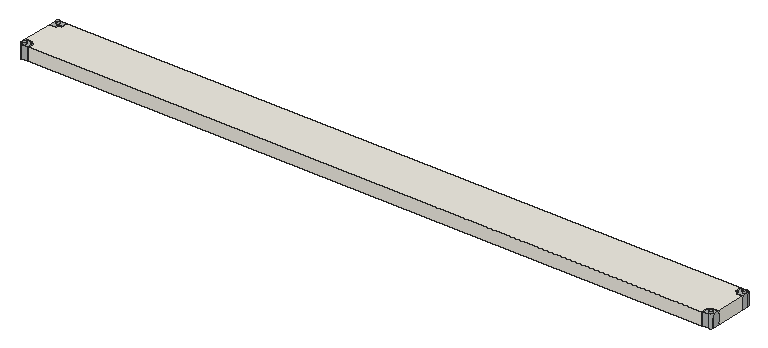
Revit family "HIGHTECH", category Осветительные приборы, Revit 2019 (continued)
Types (32, lengths in mm): name | Файл фотометрической сетки | built-in parameter 1150105 | Lumens | built-in parameter 1150106 | built-in parameter 1150142 | Wattage | Emit from Rectangle Width | Emit from Rectangle Length | Длина | Ширина | ADSK_Ток | ADSK_Полная мощность | ADSK_Обозначение | ADSK_Номинальная мощность | ADSK_Наименование | ADSK_Масса | ADSK_Код изделия
    .098 0.000 \r\n2755.907 2753.946 2748.260 2737.478 2720.912 2700.033 2674.744 2645.337 2610.931 2572.507 2529.769 2483.012 2433.216 2379.303 2322.156 2262.167 2199.040 2133.267 \r\n2064.945 1994.662 1921.734 1847.335 1770.975 1693.244 1613.943 1533.270 1451.127 1368.494 1281.058 1195.288 1110.695 1024.631 938.959 853.581 767.909 683.414 599.507 517.559 \r\n437.573 360.625 287.010 217.904 151.347 91.455 37.150 3.725 3.627 3.529 3.529 3.431 3.332 3.234 3.137 3.039 2.941 2.941 2.842 2.744 2.647 2.549 2.450 2.450 2.352 2.254 2.157 2.059 1.960 1.862 1.862 \r\n1.764 1.667 1.569 1.470 1.372 1.372 1.274 1.177 1.078 0.980 0.882 0.784 0.784 0.687 0.588 0.490 0.392 0.294 0.294 0.196 0.098 0.000 \r\n2755.907 2754.044 2748.359 2737.675 2721.304 2700.425 2675.332 2645.925 2611.617 2573.192 2530.454 2483.697 2434.000 2380.185 2322.940 2263.049 2200.021 2134.149 \r\n2065.925 1995.642 1922.714 1848.315 1772.053 1694.224 1614.923 1534.152 1452.107 1369.377 1282.038 1196.170 1111.380 1025.316 939.645 854.170 768.399 683.806 599.899 517.854 \r\n437.868 360.822 287.207 218.003 151.445 91.455 37.248 3.725 3.627 3.529 3.529 3.431 3.332 3.234 3.137 3.039 3.039 2.941 2.842 2.744 2.647 2.549 2.450 2.450 2.352 2.254 2.157 2.059 1.960 1.862 1.862 \r\n1.764 1.667 1.569 1.470 1.372 1.372 1.274 1.177 1.078 0.980 0.882 0.784 0.784 0.687 0.588 0.490 0.392 0.294 0.294 0.196 0.098 0.000 \r\n2755.907 2754.142 2748.457 2737.968 2721.599 2700.818 2675.822 2646.415 2612.304 2573.879 2531.141 2484.482 2434.785 2380.970 2323.823 2263.931 2201.001 2135.129 \r\n2066.905 1996.624 1923.694 1849.295 1773.033 1695.204 1615.903 1535.132 1452.990 1370.259 1282.921 1196.954 1112.165 1026.101 940.234 854.757 768.890 684.296 600.291 518.147 \r\n438.161 361.017 287.402 218.100 151.445 91.553 37.248 3.725 3.627 3.529 3.529 3.431 3.332 3.234 3.137 3.039 3.039 2.941 2.842 2.744 2.647 2.549 2.450 2.450 2.352 2.254 2.157 2.059 1.960 1.960 1.862 \r\n1.764 1.667 1.569 1.470 1.372 1.372 1.274 1.177 1.078 0.980 0.882 0.784 0.784 0.687 0.588 0.490 0.392 0.294 0.294 0.196 0.098 0.000 \r\n2755.907 2754.240 2748.652 2738.262 2721.892 2701.210 2676.410 2647.004 2612.989 2574.564 2531.826 2485.168 2435.569 2381.852 2324.705 2264.813 2201.981 2136.109 \r\n2067.885 1997.604 1924.674 1850.276 1774.014 1696.184 1616.883 1536.015 1453.872 1371.141 1283.901 1197.739 1112.949 1026.788 940.919 855.345 769.380 684.688 600.682 518.539 \r\n438.358 361.214 287.500 218.296 151.543 91.553 37.347 3.725 3.627 3.627 3.529 3.431 3.332 3.234 3.137 3.039 3.039 2.941 2.842 2.744 2.647 2.549 2.450 2.450 2.352 2.254 2.157 2.059 1.960 1.960 1.862 \r\n1.764 1.667 1.569 1.470 1.372 1.372 1.274 1.177 1.078 0.980 0.882 0.784 0.784 0.687 0.588 0.490 0.392 0.294 0.294 0.196 0.098 0.000 \r\n2755.907 2754.338 2748.751 2738.557 2722.187 2701.700 2676.901 2647.592 2613.676 2575.251 2532.513 2485.854 2436.352 2382.734 2325.587 2265.696 2202.961 2136.991 \r\n2068.866 1998.584 1925.753 1851.354 1774.994 1697.164 1617.864 1536.995 1454.852 1372.023 1284.783 1198.621 1113.635 1027.473 941.606 855.934 769.968 685.178 601.074 518.834 \r\n438.651 361.409 287.697 218.395 151.641 91.651 37.445 3.725 3.627 3.627 3.529 3.431 3.332 3.234 3.137 3.039 3.039 2.941 2.842 2.744 2.647 2.549 2.450 2.450 2.352 2.254 2.157 2.059 1.960 1.960 1.862 \r\n1.764 1.667 1.569 1.470 1.372 1.372 1.274 1.177 1.078 0.980 0.882 0.784 0.784 0.687 0.588 0.490 0.392 0.294 0.294 0.196 0.098 0.000 \r\n2755.907 2754.436 2748.849 2738.752 2722.481 2702.092 2677.391 2648.179 2614.264 2576.035 2533.199 2486.638 2437.137 2383.616 2326.469 2266.578 2203.941 2137.971 \r\n2069.846 1999.466 1926.733 1852.334 1775.974 1698.145 1618.746 1537.877 1455.734 1372.905 1285.665 1199.405 1114.419 1028.160 942.194 856.424 770.458 685.668 601.467 519.128 \r\n438.945 361.606 287.892 218.493 151.739 91.651 37.445 3.725 3.627 3.627 3.529 3.431 3.332 3.234 3.137 3.039 3.039 2.941 2.842 2.744 2.647 2.549 2.549 2.450 2.352 2.254 2.157 2.059 1.960 1.960 1.862 \r\n1.764 1.667 1.569 1.470 1.372 1.372 1.274 1.177 1.078 0.980 0.882 0.882 0.784 0.687 0.588 0.490 0.392 0.294 0.294 0.196 0.098 0.000 \r\n2755.907 2754.632 2748.947 2739.047 2722.774 2702.484 2677.979 2648.669 2614.950 2576.721 2533.885 2487.325 2437.921 2384.401 2327.352 2267.460 2204.922 2138.952 \r\n2070.729 2000.446 1927.713 1853.314 1776.954 1699.125 1619.726 1538.857 1456.616 1373.787 1286.645 1200.189 1115.204 1028.943 942.880 857.012 770.948 686.061 601.859 519.422 \r\n439.240 361.899 287.991 218.590 151.837 91.750 37.543 3.725 3.627 3.627 3.529 3.431 3.332 3.234 3.137 3.039 3.039 2.941 2.842 2.744 2.647 2.549 2.549 2.450 2.352 2.254 2.157 2.059 1.960 1.960 1.862 \r\n1.764 1.667 1.569 1.470 1.372 1.372 1.274 1.177 1.078 0.980 0.882 0.882 0.784 0.687 0.588 0.490 0.392 0.294 0.294 0.196 0.098 0.000 \r\n2755.907 2754.730 2749.045 2739.340 2723.069 2702.877 2678.469 2649.258 2615.636 2577.407 2534.571 2488.108 2438.706 2385.283 2328.234 2268.342 2205.902 2139.835 \r\n2071.709 2001.426 1928.693 1854.295 1777.934 1700.105 1620.706 1539.739 1457.596 1374.571 1287.527 1201.071 1115.889 1029.630 943.468 857.600 771.438 686.551 602.251 519.814 \r\n439.435 362.096 288.187 218.688 151.837 91.750 37.640 3.725 3.627 3.627 3.529 3.431 3.332 3.234 3.137 3.137 3.039 2.941 2.842 2.744 2.647 2.549 2.549 2.450 2.352 2.254 2.157 2.059 1.960 1.960 1.862 \r\n1.764 1.667 1.569 1.470 1.372 1.372 1.274 1.177 1.078 0.980 0.882 0.882 0.784 0.687 0.588 0.490 0.392 0.294 0.294 0.196 0.098 0.000 \r\n2755.907 2754.828 2749.241 2739.537 2723.363 2703.269 2678.959 2649.846 2616.323 2578.093 2535.160 2488.795 2439.489 2386.165 2329.116 2269.224 2206.882 2140.815 \r\n2072.689 2002.407 1929.772 1855.373 1778.915 1701.183 1621.686 1540.720 1458.479 1375.453 1288.409 1201.856 1116.674 1030.316 944.154 858.188 772.027 687.041 602.643 520.108 \r\n439.730 362.292 288.382 218.786 151.936 91.847 37.640 3.725 3.725 3.627 3.529 3.431 3.332 3.234 3.137 3.137 3.039 2.941 2.842 2.744 2.647 2.549 2.549 2.450 2.352 2.254 2.157 2.059 1.960 1.960 1.862 \r\n1.764 1.667 1.569 1.470 1.372 1.372 1.274 1.177 1.078 0.980 0.882 0.882 0.784 0.687 0.588 0.490 0.392 0.294 0.294 0.196 0.098 0.000 \r\n2755.907 2754.926 2749.339 2739.831 2723.756 2703.759 2679.546 2650.434 2617.008 2578.780 2535.845 2489.579 2440.274 2386.950 2329.998 2270.107 2207.862 2141.795 \r\n2073.669 2003.387 1930.752 1856.353 1779.993 1702.164 1622.666 1541.602 1459.361 1376.336 1289.390 1202.640 1117.458 1031.002 944.742 858.776 772.517 687.433 603.036 520.403 \r\n440.023 362.488 288.481 218.885 152.033 91.945 37.739 3.725 3.725 3.627 3.529 3.431 3.332 3.234 3.137 3.137 3.039 2.941 2.842 2.744 2.647 2.549 2.549 2.450 2.352 2.254 2.157 2.059 1.960 1.960 1.862 \r\n1.764 1.667 1.569 1.470 1.470 1.372 1.274 1.177 1.078 0.980 0.882 0.882 0.784 0.687 0.588 0.490 0.392 0.294 0.294 0.196 0.098 0.000 \r\n2755.907 2755.025 2749.437 2740.125 2724.049 2704.151 2680.037 2650.924 2617.597 2579.466 2536.532 2490.265 2441.058 2387.832 2330.783 2270.989 2208.842 2142.677 \r\n2074.650 2004.367 1931.732 1857.333 1780.973 1703.144 1623.549 1542.582 1460.341 1377.218 1290.272 1203.522 1118.144 1031.786 945.428 859.364 773.007 687.923 603.428 520.696 \r\n440.318 362.684 288.677 218.983 152.131 91.945 37.739 3.725 3.725 3.627 3.529 3.431 3.332 3.234 3.137 3.137 3.039 2.941 2.842 2.744 2.647 2.549 2.549 2.450 2.352 2.254 2.157 2.059 1.960 1.960 1.862 \r\n1.764 1.667 1.569 1.470 1.470 1.372 1.274 1.177 1.078 0.980 0.882 0.882 0.784 0.687 0.588 0.490 0.392 0.294 0.294 0.196 0.098 0.000 \r\n2755.907 2755.122 2749.535 2740.321 2724.343 2704.542 2680.527 2651.513 2618.283 2580.152 2537.218 2491.049 2441.842 2388.714 2331.665 2271.871 2209.823 2143.657 \r\n2075.630 2005.249 1932.712 1858.314 1781.953 1704.124 1624.530 1543.465 1461.223 1378.100 1291.252 1204.307 1118.928 1032.472 946.115 859.953 773.497 688.315 603.820 521.088 \r\n440.513 362.879 288.873 219.081 152.229 92.043 37.837 3.725 3.725 3.627 3.529 3.431 3.332 3.234 3.137 3.137 3.039 2.941 2.842 2.744 2.647 2.549 2.549 2.450 2.352 2.254 2.157 2.059 2.059 1.960 1.862 \r\n1.764 1.667 1.569 1.470 1.470 1.372 1.274 1.177 1.078 0.980 0.882 0.882 0.784 0.687 0.588 0.490 0.392 0.294 0.294 0.196 0.098 0.000 \r\n2755.907 2755.318 2749.633 2740.615 2724.638 2704.934 2681.115 2652.101 2618.969 2580.838 2537.904 2491.735 2442.626 2389.596 2332.547 2272.753 2210.803 2144.637 \r\n2076.512 2006.229 1933.693 1859.294 1782.934 1705.104 1625.510 1544.445 1462.105 1378.982 1292.134 1205.090 1119.713 1033.159 946.703 860.443 774.085 688.805 604.211 521.383 \r\n440.808 363.076 288.971 219.178 152.229 92.043 37.935 3.725 3.725 3.627 3.529 3.431 3.332 3.234 3.137 3.137 3.039 2.941 2.842 2.744 2.647 2.647 2.549 2.450 2.352 2.254 2.157 2.059 2.059 1.960 1.862 \r\n1.764 1.667 1.569 1.470 1.470 1.372 1.274 1.177 1.078 0.980 0.882 0.882 0.784 0.687 0.588 0.490 0.392 0.294 0.294 0.196 0.098 0.000 \r\n2755.907 2755.417 2749.829 2740.909 2724.931 2705.327 2681.605 2652.591 2619.655 2581.524 2538.590 2492.422 2443.410 2390.380 2333.429 2273.636 2211.783 2145.519 \r\n2077.492 2007.209 1934.771 1860.371 1783.914 1706.084 1626.490 1545.327 1463.086 1379.865 1293.016 1205.874 1120.398 1033.844 947.389 861.031 774.575 689.295 604.603 521.676 \r\n441.102 363.272 289.167 219.277 152.327 92.142 37.935 3.823 3.725 3.627 3.529 3.431 3.332 3.234 3.234 3.137 3.039 2.941 2.842 2.744 2.647 2.647 2.549 2.450 2.352 2.254 2.157 2.059 2.059 1.960 1.862 \r\n1.764 1.667 1.569 1.470 1.470 1.372 1.274 1.177 1.078 0.980 0.882 0.882 0.784 0.687 0.588 0.490 0.392 0.294 0.294 0.196 0.098 0.000 \r\n2755.907 2755.515 2749.927 2741.203 2725.226 2705.817 2682.095 2653.178 2620.341 2582.210 2539.276 2493.206 2444.195 2391.262 2334.312 2274.616 2212.763 2146.500 \r\n2078.472 2008.190 1935.751 1861.352 1784.894 1707.065 1627.470 1546.307 1463.968 1380.649 1293.997 1206.757 1121.183 1034.629 947.977 861.619 775.065 689.687 604.996 521.971 \r\n441.396 363.468 289.363 219.375 152.426 92.142 38.033 3.823 3.725 3.627 3.529 3.431 3.332 3.234 3.234 3.137 3.039 2.941 2.842 2.744 2.647 2.647 2.549 2.450 2.352 2.254 2.157 2.059 2.059 1.960 1.862 \r\n1.764 1.667 1.569 1.470 1.470 1.372 1.274 1.177 1.078 0.980 0.882 0.882 0.784 0.687 0.588 0.490 0.392 0.294 0.294 0.196 0.098 0.000 \r\n2755.907 2755.612 2750.025 2741.399 2725.520 2706.209 2682.683 2653.767 2620.929 2582.897 2539.963 2493.892 2444.979 2392.144 2335.194 2275.498 2213.743 2147.480 \r\n2079.452 2009.170 1936.731 1862.333 1785.874 1708.045 1628.352 1547.189 1464.851 1381.531 1294.879 1207.541 1121.869 1035.315 948.664 862.207 775.555 690.177 605.388 522.363 \r\n441.592 363.762 289.461 219.473 152.523 92.240 38.130 3.823 3.725 3.627 3.529 3.431 3.332 3.234 3.234 3.137 3.039 2.941 2.842 2.744 2.647 2.647 2.549 2.450 2.352 2.254 2.157 2.059 2.059 1.960 1.862 \r\n1.764 1.667 1.569 1.470 1.470 1.372 1.274 1.177 1.078 0.980 0.882 0.882 0.784 0.687 0.588 0.490 0.392 0.294 0.294 0.196 0.098 0.000 \r\n2755.907 2755.710 2750.124 2741.693 2725.813 2706.601 2683.174 2654.355 2621.616 2583.582 2540.551 2494.676 2445.762 2392.929 2336.076 2276.380 2214.724 2148.362 \r\n2080.432 2010.053 1937.712 1863.313 1786.854 1709.025 1629.332 1548.169 1465.831 1382.413 1295.762 1208.325 1122.654 1036.001 949.349 862.795 776.143 690.667 605.780 522.657 \r\n441.887 363.958 289.657 219.571 152.621 92.240 38.130 3.823 3.725 3.627 3.529 3.431 3.332 3.234 3.234 3.137 3.039 2.941 2.842 2.744 2.647 2.647 2.549 2.450 2.352 2.254 2.157 2.059 2.059 1.960 1.862 \r\n1.764 1.667 1.569 1.470 1.470 1.372 1.274 1.177 1.078 0.980 0.882 0.882 0.784 0.687 0.588 0.490 0.392 0.294 0.294 0.196 0.098 0.000 \r\n2755.907 2755.808 2750.319 2741.987 2726.108 2706.993 2683.762 2654.845 2622.302 2584.269 2541.237 2495.363 2446.547 2393.811 2336.958 2277.262 2215.704 2149.342 \r\n2081.413 2011.033 1938.692 1864.293 1787.835 1710.005 1630.312 1549.051 1466.713 1383.296 1296.742 1209.208 1123.437 1036.688 949.937 863.383 776.633 691.060 606.172 522.951 \r\n442.180 364.154 289.853 219.767 152.621 92.337 38.229 3.823 3.725 3.627 3.529 3.431 3.332 3.234 3.234 3.137 3.039 2.941 2.842 2.744 2.647 2.647 2.549 2.450 2.352 2.254 2.157 2.059 2.059 1.960 1.862 \r\n1.764 1.667 1.569 1.470 1.470 1.372 1.274 1.177 1.078 0.980 0.882 0.882 0.784 0.687 0.588 0.490 0.392 0.294 0.294 0.196 0.098 0.000 \r\n2755.907 2756.005 2750.417 2742.183 2726.500 2707.385 2684.252 2655.433 2622.988 2584.955 2541.923 2496.146 2447.331 2394.693 2337.839 2278.144 2216.684 2150.322 \r\n2082.295 2012.013 1939.770 1865.370 1788.913 1710.985 1631.293 1550.032 1467.693 1384.178 1297.624 1209.991 1124.124 1037.472 950.624 863.972 777.123 691.550 606.564 523.245 \r\n442.474 364.350 289.951 219.865 152.719 92.435 38.229 3.823 3.725 3.627 3.529 3.431 3.332 3.332 3.234 3.137 3.039 2.941 2.842 2.744 2.744 2.647 2.549 2.450 2.352 2.254 2.157 2.059 2.059 1.960 1.862 \r\n1.764 1.667 1.569 1.470 1.470 1.372 1.274 1.177 1.078 0.980 0.882 0.882 0.784 0.687 0.588 0.490 0.392 0.294 0.294 0.196 0.098 0.000 \r\n2755.907 2756.102 2750.516 2742.478 2726.793 2707.875 2684.742 2656.022 2623.674 2585.641 2542.609 2496.833 2448.116 2395.575 2338.624 2279.027 2217.664 2151.205 \r\n2083.275 2012.993 1940.750 1866.351 1789.893 1711.966 1632.273 1550.915 1468.575 1385.060 1298.604 1210.776 1124.908 1038.158 951.211 864.462 777.614 691.942 606.957 523.637 \r\n442.670 364.546 290.147 219.963 152.818 92.435 38.327 3.823 3.725 3.627 3.529 3.431 3.332 3.332 3.234 3.137 3.039 2.941 2.842 2.744 2.744 2.647 2.549 2.450 2.352 2.254 2.157 2.157 2.059 1.960 1.862 \r\n1.764 1.667 1.569 1.470 1.470 1.372 1.274 1.177 1.078 0.980 0.882 0.882 0.784 0.687 0.588 0.490 0.392 0.294 0.294 0.196 0.098 0.000 \r\n2755.907 2756.200 2750.614 2742.771 2727.088 2708.268 2685.330 2656.610 2624.360 2586.327 2543.295 2497.518 2448.899 2396.360 2339.506 2279.909 2218.644 2152.185 \r\n2084.255 2013.974 1941.731 1867.331 1790.873 1712.946 1633.253 1551.895 1469.457 1385.942 1299.486 1211.658 1125.692 1038.844 951.898 865.050 778.201 692.432 607.348 523.931 \r\n442.964 364.743 290.343 220.061 152.916 92.533 38.425 3.823 3.725 3.627 3.529 3.431 3.332 3.332 3.234 3.137 3.039 2.941 2.842 2.744 2.744 2.647 2.549 2.450 2.352 2.254 2.157 2.157 2.059 1.960 1.862 \r\n1.764 1.667 1.569 1.470 1.470 1.372 1.274 1.177 1.078 0.980 0.882 0.882 0.784 0.687 0.588 0.490 0.392 0.294 0.294 0.196 0.098 0.000 \r\n2755.907 2756.299 2750.711 2742.968 2727.382 2708.660 2685.821 2657.100 2624.948 2587.013 2543.982 2498.303 2449.684 2397.242 2340.388 2280.791 2219.624 2153.166 \r\n2085.235 2014.954 1942.711 1868.312 1791.854 1713.926 1634.135 1552.777 1470.437 1386.726 1300.368 1212.442 1126.378 1039.530 952.486 865.638 778.692 692.922 607.740 524.225 \r\n443.259 364.938 290.441 220.159 153.013 92.533 38.425 3.823 3.725 3.627 3.529 3.431 3.332 3.332 3.234 3.137 3.039 2.941 2.842 2.744 2.744 2.647 2.549 2.450 2.352 2.254 2.157 2.157 2.059 1.960 1.862 \r\n1.764 1.667 1.569 1.569 1.470 1.372 1.274 1.177 1.078 0.980 0.882 0.882 0.784 0.687 0.588 0.490 0.392 0.294 0.294 0.196 0.098 0.000 \r\n2755.907 2756.397 2750.907 2743.261 2727.676 2709.052 2686.311 2657.687 2625.635 2587.700 2544.668 2498.989 2450.468 2398.124 2341.271 2281.673 2220.605 2154.047 \r\n2086.215 2015.836 1943.691 1869.292 1792.834 1714.906 1635.115 1553.757 1471.320 1387.608 1301.348 1213.227 1127.163 1040.314 953.173 866.226 779.182 693.314 608.132 524.519 \r\n443.552 365.134 290.637 220.257 153.013 92.632 38.523 3.823 3.725 3.627 3.529 3.431 3.332 3.332 3.234 3.137 3.039 2.941 2.842 2.744 2.744 2.647 2.549 2.450 2.352 2.254 2.157 2.157 2.059 1.960 1.862 \r\n1.764 1.667 1.569 1.569 1.470 1.372 1.274 1.177 1.078 0.980 0.882 0.882 0.784 0.687 0.588 0.490 0.392 0.294 0.294 0.196 0.098 0.000 \r\n2755.907 2756.495 2751.006 2743.556 2727.970 2709.443 2686.899 2658.276 2626.320 2588.484 2545.255 2499.773 2451.252 2399.006 2342.153 2282.556 2221.585 2155.028 \r\n2087.196 2016.816 1944.769 1870.370 1793.814 1715.886 1636.095 1554.639 1472.202 1388.490 1302.231 1214.109 1127.946 1041.000 953.858 866.814 779.672 693.804 608.524 524.912 \r\n443.749 365.330 290.833 220.355 153.111 92.632 38.523 3.823 3.725 3.627 3.529 3.431 3.431 3.332 3.234 3.137 3.039 2.941 2.842 2.744 2.744 2.647 2
